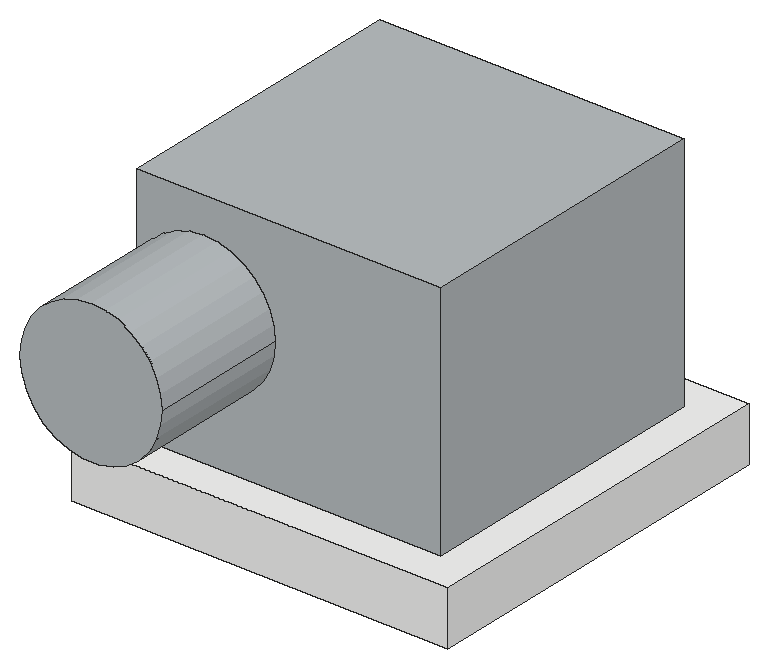
Revit family "vd-15_20zvx7-fp_60Hz", category 機械設備, Revit 2019
Family settings
  丸型コネクタ寸法 = 直径を使用
  パーツ タイプ = 標準
  OmniClass 番号 = 23.75.35.17.27
  OmniClass タイトル = Centrifugal Fans
  作業面ベース = いいえ
  常に垂直 = はい
  ロード時にボイドで切り取り = いいえ
  共有 = いいえ
  部屋計算ポイント = はい
Parameters (values of type "VD-20ZVX7-FP")
  騒音レベル(dB(A)) [instance] = 45
  風量 [instance] = 550.0 m³/h
  電源種別 [instance] = ""
  電圧 = 100 V
  電動機出力 = 0 W
  電動機_種別 [instance] = ""
  運転質量 = 0.00 kg
  連動 [instance] = ""
  質量 = if(製品質量 > 運転質量, 製品質量, 運転質量) * 1.2  # 6.36 kg
  負荷分類 = 3_ファン類
  説明 = "ダクト用換気扇 低騒音形 フラットインテリアタイプ 24時間換気機能付 定風量タイプ"
  設計風量 [instance] = 0.0 m³/h
  設置方法 = "天埋"
  記号 [instance] = ""
  製造元 = "三菱電機株式会社"
  製品質量 = 5.30 kg
  製品出荷対象 = "国内"
  製品リリース年月 = "2024年6月3日"
  製品グループ = ""
  系統 [instance] = ""
  符号 [instance] = if(☑給気／□排気, "FS", "FE")  # "FE"
  積算_科目 = "2 換気設備"
  積算_拾い区分 [instance] = ""
  相 = 1
  盤記号 [instance] = ""
  発停方法 [instance] = ""
  特殊仕様 [instance] = ""
  火災停止 [instance] = ""
  消費電力 = 40 W
  法定耐用年数 = "15"
  機外静圧 [instance] = 0.0 Pa
  極数 = 2
  材質 [instance] = ""
  操作・制御方式 = ""
  操作・制御スイッチ = ""
  排気量 [instance] = if(☑給気／□排気, 0.0 m³/h, 設計風量)  # 0.0 m³/h
  形式 = "天井埋込ダクト形"
  幹線記号 [instance] = ""
  対象室 [instance] = ""
  実風量 [instance] = 0.0 m³/h
  始動方式 [instance] = "直入"
  外気量 [instance] = if(☑給気／□排気, 設計風量, 0.0 m³/h)  # 0.0 m³/h
  呼称 = "天井扇"
  周波数 = 60 Hz
  参照している仕様書等のバージョン = ""
  分類コード = "50052503100030"
  分類グループ = ""
  価格 = 72400
  企業コード = "108420"
  付属品_防振装置 = ""
  付属品 [instance] = ""
  仕様書バージョン = "Version1.0"
  モデル = "VD-20ZVX7-FP"
  マテリアル = 鋼板
  ファンの種類 = ""
  ダクト径 = 150 mm
  コメント [instance] = ""
  Keynote = ""
  カバーマテリアル = 合成樹脂(白)
  ☑給気／□排気 [instance] = no
  Width = 307 mm
  W1 = 380 mm
  Version = ""
  Uniclass2015Version = "Systems v1.9"
  Uniclass2015Title = "Centrifugal fans"
  Uniclass2015Code = "Pr_65_67_29_12"
  URL = "https://www.mitsubishielectric.co.jp/ldg/wink/qr/002/333531/"
  SpecificationReference = ""
  SpecificationDescription = ""
  Revision = ""
  ProductInformation = ""
  OmniClassCode = "23-33 31 19 11 15"
  MIN風量 = 230.0 m³/h
  MIN静圧 = 80.0 Pa
  MID風量 = 340.0 m³/h
  MID静圧 = 85.0 Pa
  MAX風量 = 550.0 m³/h
  MAX静圧 = 0.0 Pa
  IfcTypeProduct = ""
  IfcProduct = ""
  IfcExportType = "PROPELLORAXIAL"
  IfcExportAs = "IfcFanType"
  Height = 243 mm
  H1 = 55 mm
  EAサイズ_D = 144 mm
  Duct_Height = 135 mm
  Duct_Depth = 142 mm
  Duct_Center = 86 mm
  Depth = 307 mm
  D1 = 380 mm
  Author = "三菱電機株式会社"
Types (3, lengths in mm): name | 騒音レベル(dB(A)) | 風量 | 質量 | 製品質量 | 消費電力 | 価格 | モデル | ダクト径 | Width | W1 | URL | MIN風量 | MIN静圧 | MID風量 | MID静圧 | MAX風量 | Height | H1 | EAサイズ_D | Duct_Height | Duct_Depth | Duct_Center | Depth | D1
  VD-15ZVX7-FP | 41.5 | 280.0 m³/h | 4.20 kg | 3.50 kg | 21 W | 51600 | "VD-15ZVX7-FP" | 100 | 251 | 330 | "https://www.mitsubishielectric.co.jp/ldg/wink/qr/002/333633/" | 85.0 m³/h | 110.0 Pa | 160.0 m³/h | 135.0 Pa | 280.0 m³/h | 204 | 46 | 98 | 111 | 114 | 0 | 251 | 330
  VD-18ZVX7-FP | 40.5 | 430.0 m³/h | 5.52 kg | 4.60 kg | 24 W | 61200 | "VD-18ZVX7-FP" | 150 | 270 | 330 | "https://www.mitsubishielectric.co.jp/ldg/wink/qr/002/333663/" | 180.0 m³/h | 60.0 Pa | 300.0 m³/h | 70.0 Pa | 430.0 m³/h | 243 | 46 | 144 | 135 | 142 | 67 | 270 | 330
  VD-20ZVX7-FP | 45 | 550.0 m³/h | 6.36 kg | 5.30 kg | 40 W | 72400 | "VD-20ZVX7-FP" | 150 | 307 | 380 | "https://www.mitsubishielectric.co.jp/ldg/wink/qr/002/333531/" | 230.0 m³/h | 80.0 Pa | 340.0 m³/h | 85.0 Pa | 550.0 m³/h | 243 | 55 | 144 | 135 | 142 | 86 | 307 | 380
Reference planes
  plane 1 "中心(正面/背面)": y = 0
  plane 2: z = 0
  plane 3 "中心(左/右)": x = 0
  plane 4: x = -190
  plane 5: x = 190
  plane 6: y = 190
  plane 7: y = -190
  plane 8: x = -153.5
  plane 9: x = 153.5
  plane 10: y = 153.5
  plane 11: y = -153.5
  plane 12: y = -295.5
  plane 13: z = 243
  plane 14: z = -55
  plane 15: z = 135
  plane 16: x = -86
Forms (mm)
  Extrusion 1, solid, material "鋼板" <- "マテリアル", detail levels fine
    sketch origin (0, 0, 0) x (1, 0, 0) y (0, 1, 0)
      loop
        line (-153.5, 153.5) -> (-153.5, -153.5) -> (153.5, -153.5) -> (153.5, 153.5) -> (-153.5, 153.5)
    from 0 to 243
  Extrusion 2, solid, material "合成樹脂(白)" <- "カバーマテリアル", detail levels fine
    sketch origin (0, 0, 0) x (1, 0, 0) y (0, 1, 0)
      loop
        line (-190, 190) -> (-190, -190) -> (190, -190) -> (190, 190) -> (-190, 190)
    from 0 to -55
  Extrusion 3, solid, material "鋼板" <- "マテリアル", detail levels fine
    sketch origin (0, 0, 0) x (1, 0, 0) y (0, 0, 1)
      loop
        circle (-86, 135) r 72
    from 153.5 to 295.5
Dimensions and locks
  equal spacing: plane 4, plane 3 "中心(左/右)", plane 5
  "W1": plane 4 to plane 5
  equal spacing: plane 6, plane 1 "中心(正面/背面)", plane 7
  "D1": plane 6 to plane 7
  equal spacing: plane 8, plane 3 "中心(左/右)", plane 9
  "Width": plane 8 to plane 9
  equal spacing: plane 10, plane 1 "中心(正面/背面)", plane 11
  "Depth": plane 10 to plane 11
  "Duct_Depth": plane 11 to plane 12
  "Height": plane 13 to plane 2
  "Duct_Height": plane 15 to plane 2
  "H1": plane 2 to plane 14
  "Duct_Center": plane 3 "中心(左/右)" to plane 16
  "EAサイズ_D": diameter of Extrusion 3 sketch curve
  aligned and locked: level to plane 2
  aligned and locked: plane 5 to Extrusion 2
  aligned and locked: plane 6 to Extrusion 2
  aligned and locked: Extrusion 2 to plane 4
  aligned and locked: Extrusion 2 to plane 7
  aligned and locked: plane 9 to Extrusion 1
  aligned and locked: Extrusion 1 to plane 11
  aligned and locked: Extrusion 1 to plane 8
  aligned and locked: plane 10 to Extrusion 1
  aligned and locked: plane 13 to Extrusion 1
  aligned and locked: Extrusion 2 to plane 14
  aligned and locked: level to Extrusion 2
  aligned and locked: Extrusion 1 to level
  aligned and locked: Extrusion 3 to plane 12
  aligned and locked: plane 11 to Extrusion 3
Automatic sketch dimensions
  Extrusion 1 sketch curve to plane 3 "中心(左/右)" = 153.5 mm
  plane 3 "中心(左/右)" to Extrusion 1 sketch curve = 153.5 mm
  Extrusion 2 sketch curve to plane 3 "中心(左/右)" = 190 mm
  plane 3 "中心(左/右)" to Extrusion 2 sketch curve = 190 mm
  plane 1 "中心(正面/背面)" to Extrusion 1 sketch curve = 153.5 mm
  Extrusion 1 sketch curve to plane 1 "中心(正面/背面)" = 153.5 mm
  plane 1 "中心(正面/背面)" to Extrusion 2 sketch curve = 190 mm
  Extrusion 2 sketch curve to plane 1 "中心(正面/背面)" = 190 mm
  Extrusion 3 sketch curve to plane 15 = 0 mm
  Extrusion 3 sketch curve to plane 16 = 0 mm
Nested families
  nested 1: "記号_天井換気扇_平面" at (0, 0, 0), type "記号_天井換気扇_平面", detail levels coarse+medium
Connectors
  hvac at (-86, -295.5, 135), driven by "ダクト径", driven by "風量", driven by "機外静圧"
    settings: on Extrusion 3, index 1, duct flow 550.0 m³/h, flow factor 0, pres drop 0.0 Pa, loss coef 0, conn angle 0.00°, conn width 304.8 mm, conn height 304.8 mm, conn diameter 150 mm, duct sys type 3, conn prof type 0, flow config 0, flow direction 2, loss method 4, conn ref index -1, conn util no, is conn primary yes, conn desc ""
  electrical at (0, 0, 243), driven by "極数", driven by "負荷分類", driven by "電圧", driven by "消費電力"
    settings: on Extrusion 1, index 2, voltage 100 V, apparent load 40 VA, apparent load phase1 0 VA, apparent load phase2 0 VA, apparent load phase3 0 VA, power factor 1, load classification "3_ファン類", number of poles 2, system type 30, power factor state 1, is connector primary yes, connector utility no, sub classification motor no, connector description ""
Definition of nested family "記号_天井換気扇_平面"
  Reference planes
    plane 1: y = 0
    plane 2: x = 0
  Lines and regions (mm)
    detail lines
      curve 1: line (-2.5, 2.5, 0) -> (2.5, 2.5, 0)
      curve 2: line (-2.5, -2.5, 0) -> (-2.5, 2.5, 0)
      curve 3: line (2.5, -2.5, 0) -> (-2.5, -2.5, 0)
      curve 4: line (2.5, 2.5, 0) -> (2.5, -2.5, 0)
      curve 5: circle (-1.04, -1.04, 0) r 1.46 normal (0, 0, 1)
      curve 6: circle (1.04, 1.04, 0) r 1.46 normal (0, 0, 1)
      curve 7: line (-3.125, 3.125, 0) -> (3.125, 3.125, 0)
      curve 8: line (-3.125, -3.125, 0) -> (-3.125, 3.125, 0)
      curve 9: line (3.125, -3.125, 0) -> (-3.125, -3.125, 0)
      curve 10: line (3.125, 3.125, 0) -> (3.125, -3.125, 0)
      curve 11: circle (1.295, 1.295, 0) r 1.83 normal (0, 0, 1)
      curve 12: circle (-1.295, -1.295, 0) r 1.83 normal (0, 0, 1)
      curve 13: line (-2, 2, 0) -> (2, 2, 0)
      curve 14: line (-2, -2, 0) -> (-2, 2, 0)
      curve 15: line (2, -2, 0) -> (-2, -2, 0)
      curve 16: line (2, 2, 0) -> (2, -2, 0)
      curve 17: circle (0.84, 0.84, 0) r 1.16 normal (0, 0, 1)
      curve 18: circle (-0.84, -0.84, 0) r 1.2 normal (0, 0, 1)
